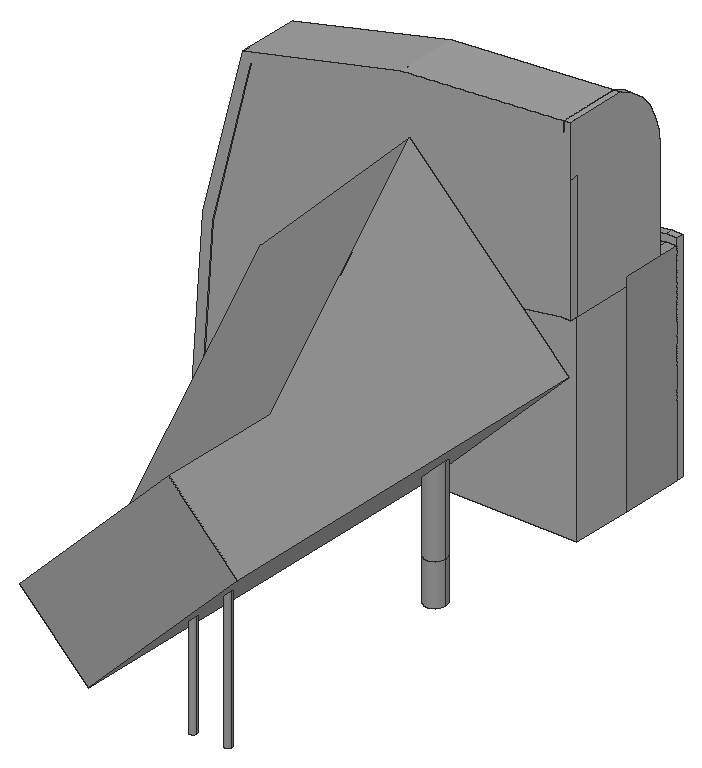
Revit family "Corner_Washfountain-Willoughby-2200-WAW", category Plumbing Fixtures, host Face, Revit 2014
Parameters (values of type "Standard")
  Waste DIA = 1 1/2"
  Waste Connection = yes
  Vent Connection = no
  URL = "www.willoughby-ind.com"
  Solid Surface Sink = Solid Surface Acrylic Resin-Willoughby
  Revision = "A"
  Model = "WAF-2200"
  Manufacturer = "Willoughby-Inustries"
  LAV HW DIA = 1/2"
  LAV CW DIA = 1/2"
  HW Connection = yes
  Fixture Body = Stainless Steel AISI 304-Willoughby
  Description = "2 Station Corner Washstation"
  Default Elevation = 0' - 0"
  Ciontact = "800-428-4065"
  CW Connection = yes
Reference planes (in)
  plane 1 "Center (Front/Back) Floor HGT": y = 0
  plane 2: z = 0
  plane 3 "Center (Left/Right)": x = 0
  plane 4: x = -27
  plane 5: x = -15.5
  plane 6 "Sink HGT": y = 34
  plane 7 "Top Of Unit": y = 39.5
  plane 8: z = 27
  plane 9 "Pedestal": through (0, 0, 0) normal (0.7071, 0, 0.7071)
  plane 10: y = 36.5
  plane 11 "HW/CW Inlets": y = 4
  plane 12 "Waste": y = 24
Forms (in)
  Extrusion 1, solid, material "Solid Surface Acrylic Resin-Willoughby" <- "Solid Surface Sink"
    sketch origin (0, 39.5, 0) x (-1, 0, 0) y (0, 0, 1)
      loop
        line (0, 0) -> (15.5, 0) -> (15.5, 0.75) -> (13.76712, 13.08007)
        arc (13.76712, 13.08007) -> (13.62861, 13.36093) -> (13.35021, 13.50432) r 0.5
        line (13.35021, 13.50432) -> (0.75, 15.5) -> (0, 15.5) -> (0, 0)
    from 0 to -0.5
  Extrusion 2, solid, material "Stainless Steel AISI 304-Willoughby" <- "Fixture Body"
    sketch origin (0, 39.5, 0) x (-1, 0, 0) y (0, 0, 1)
      loop
        line (0, 0) -> (15, 0) -> (15, 0.75) -> (13.36472, 12.38565) -> (12.84918, 13.08368) -> (0.75, 15) -> (0, 15) -> (0, 0)
    from -0.5 to -4.99598
  Extrusion 3, solid, material "Solid Surface Acrylic Resin-Willoughby" <- "Solid Surface Sink"
    sketch origin (0, 0, 0) x (0, 1, 0) y (0, 0, 1)
      loop
        line (37.5, 14.39918) -> (37.5, 22)
        arc (37.5, 22) -> (36.53806, 25.05164) -> (34, 27) r 5.32143
        line (34, 27) -> (29.5, 27) -> (29.5, 14.39918) -> (37.5, 14.39918)
    from 0 to -0.5
  Extrusion 4, solid
    sketch origin (0, 0, 0) x (1, 0, 0) y (0, 1, 0)
      loop
        line (-14.5, 37.5) -> (-22.75, 37.5)
        arc (-22.75, 37.5) -> (-25.50284, 36.51238) -> (-27, 34) r 4.33036
        line (-27, 34) -> (-27, 29.5) -> (-14.5, 29.5) -> (-14.5, 37.5)
    from 0 to 0.5
  Extrusion 5, solid, material "Solid Surface Acrylic Resin-Willoughby" <- "Solid Surface Sink"
    sketch origin (0, 34, 0) x (-1, 0, 0) y (0, 0, 1)
      loop
        line (0.5, 27) -> (0.5, 26.24999)
        arc (0.5, 26.24999) -> (11.78278, 25.40383) -> (22.7888, 22.77993) r 71.15426
        arc (22.7888, 22.77993) -> (25.49234, 11.79112) -> (26.24985, 0.5) r 65.02709
        line (26.24985, 0.5) -> (27, 0.5)
        arc (27, 0.5) -> (26.20321, 12.09908) -> (23.37669, 23.37669) r 65.77709
        arc (23.37669, 23.37669) -> (12.0852, 26.11553) -> (0.5, 27) r 71.90426
    from 0 to -4.5
  Extrusion 6, solid, material "Stainless Steel AISI 304-Willoughby" <- "Fixture Body"
    sketch origin (0, 0, 0) x (0.707107, 0, -0.707107) y (0, 1, 0)
      loop
        line (-7.64394, 29.5) -> (-23.73379, 29.5) -> (-14.6066, 9) -> (-14.6066, 0) -> (-7.64394, 0) -> (-7.64394, 29.5)
    from 7.5 to -7.5
  Extrusion 7, solid, material "Solid Surface Acrylic Resin-Willoughby" <- "Solid Surface Sink"
    sketch origin (0, 34, 0) x (-1, 0, 0) y (0, 0, 1)
      loop
        line (0, 27) -> (0, 14.39918) -> (0.60082, 14.39918) -> (12.51255, 12.51255) -> (12.84918, 12.17591) -> (14.5, 0.42973) -> (14.5, 0) -> (27, 0) -> (27, 0.5)
        arc (27, 0.5) -> (26.20321, 12.09908) -> (23.37669, 23.37669) r 65.77709
        arc (23.37669, 23.37669) -> (12.08092, 26.08856) -> (0.5, 27) r 74.03052
        line (0.5, 27) -> (0, 27)
    from -3.92048 to -4.5
  Extrusion 8, solid, material "Solid Surface Acrylic Resin-Willoughby" <- "Solid Surface Sink"
    sketch origin (0, 34, 0) x (-1, 0, 0) y (0, 0, 1)
      loop
        line (0, 14.39918) -> (0, 0) -> (14.5, 0) -> (14.5, 0.42973) -> (12.84918, 12.17591) -> (12.39148, 12.63361) -> (0.60082, 14.39918) -> (0, 14.39918)
    from 0.50402 to -3.92048
  Revolve 9, solid, material "Stainless Steel AISI 304-Willoughby" <- "Fixture Body"
    sketch origin (0, 4, 0) x (0, 0, -1) y (-1, 0, 0)
      loop
        line (0, 4) -> (3, 4) -> (3, 4.25) -> (-8.14251, 4.25) -> (-8.14251, 4) -> (0, 4)
      axis (-8.14251, 4) -> (3, 4)
    angle from 0 to 360
  Revolve 10, solid, material "Stainless Steel AISI 304-Willoughby" <- "Fixture Body"
    sketch origin (0, 4, 0) x (0, 0, -1) y (-1, 0, 0)
      loop
        line (0, 6.5) -> (3, 6.5) -> (3, 6.75) -> (-4.59085, 6.75) -> (-4.59085, 6.5) -> (0, 6.5)
      axis (-4.59085, 6.5) -> (3, 6.5)
    angle from 0 to 360
  Revolve 11, solid, material "Stainless Steel AISI 304-Willoughby" <- "Fixture Body"
    sketch origin (0, 24, 0) x (0, 0, -1) y (-1, 0, 0)
      loop
        line (0, 6) -> (-6.25796, 6) -> (-6.25796, 5.25) -> (3, 5.25) -> (3, 6) -> (0, 6)
      axis (-6.25796, 5.25) -> (3, 5.25)
    angle from 0 to 360
Lines and regions (in)
  symbolic lines
    curve 1: line (0, 29.5, 0) -> (-27, 29.5, 0)
    curve 2: line (-27, 29.5, 0) -> (-27, 34, 0)
    curve 3: line (-27, 34, 0) -> (0, 34, 0)
    curve 4: line (-22.75, 37.5, 0) -> (-15, 37.5, 0)
    curve 5: arc (-22.75, 37.5, 0) -> (-25.50284, 36.51238, 0) -> (-27, 34, 0) r 4.33036
    curve 6: line (-15.5, 39.5, 0) -> (0, 39.5, 0)
    curve 7: line (0, 39.5, 0) -> (0, 39, 0)
    curve 8: line (0, 39, 0) -> (-15.5, 39, 0)
    curve 9: line (-15, 39, 0) -> (-15, 34.50402, 0)
    curve 10: line (-15, 34.50402, 0) -> (-0.60082, 34.50402, 0)
    curve 11: line (0, 37.5, 0) -> (-0.5, 37.5, 0)
    curve 12: line (-0.5, 37.5, 0) -> (-0.5, 29.5, 0)
    curve 13: line (-14.5, 34, 0) -> (-14.5, 34.50402, 0)
    curve 14: line (-22.08562, 29.5, 0) -> (-15.63173, 9, 0)
    curve 15: line (-15.63173, 9, 0) -> (-15.63173, 0, 0)
    curve 16: line (-15.63173, 0, 0) -> (-0.10178, 0, 0)
    curve 17: line (-0.10178, 0, 0) -> (-5.02513, 0, 0)
    curve 18: line (-5.02513, 9, 0) -> (-11.47902, 29.5, 0)
    curve 19: line (-5.02513, 9, 0) -> (-15.63173, 9, 0)
    curve 20: line (0, 29.5, 0) -> (0, 0, 0)
    curve 21: line (0, 34, 0) -> (0, 34, 27)
    curve 22: arc (0, 34, 27) -> (-11.83819, 34, 26.15512) -> (-23.37669, 34, 23.37669) r 71.98931
    curve 23: arc (-23.37669, 34, 23.37669) -> (-26.20321, 34, 12.09908) -> (-27, 34, 0.5) r 65.77709
    curve 24: line (-27, 34, 0.5) -> (-27, 34, 0)
    curve 25: line (-27, 34, 0) -> (0, 34, 0)
    curve 26: line (-15.5, 34, 0) -> (-15.5, 34, 0.375)
    curve 35: line (0, 0, 0.10178) -> (0, 29.5, 0.10178)
    curve 36: line (0, 29.5, 0.10178) -> (0, 29.5, 22.08562)
    curve 37: line (0, 29.5, 22.08562) -> (0, 9, 15.63173)
    curve 38: line (0, 9, 15.63173) -> (0, 0, 15.63173)
    curve 39: line (0, 0, 15.63173) -> (0, 0, 0.10178)
    curve 43: line (0, 29.5, 22.08562) -> (0, 29.5, 27.00079)
    curve 44: line (0, 29.5, 27.00079) -> (0, 34, 27.00079)
    curve 45: line (0, 34, 27.00079) -> (0, 34, 0.5)
    curve 46: line (0, 29.5, 0.10178) -> (0, 39.5, 0.10178)
    curve 49: arc (0, 34, 27.00079) -> (0, 36.53808, 25.05187) -> (0, 37.5, 21.99985) r 5.32277
    curve 50: line (0, 37.5, 21.99985) -> (0, 37.5, 15)
    curve 51: line (0, 39.5, 0.10178) -> (0, 39.5, 15.5)
    curve 52: line (0, 39.5, 15.5) -> (0, 39, 15.5)
    curve 53: line (0, 39, 15.5) -> (0, 39, 0.10178)
    curve 54: line (0, 39, 15) -> (0, 34.50402, 15)
    curve 55: line (0, 34.50402, 15) -> (0, 34.50402, 0.5)
  symbolic lines, detail levels medium+fine
    curve 27: line (-15.5, 34, 0.375) -> (-13.72554, 34, 13.00092)
    curve 28: line (-13.72554, 34, 13.00092) -> (-13.19804, 34, 13.52842)
    curve 29: line (-13.19804, 34, 13.52842) -> (-0.75, 34, 15.5)
    curve 30: line (-0.75, 34, 15.5) -> (0, 34, 15.5)
    curve 31: line (-0.5, 34, 15.5) -> (-0.5, 34, 27.0039)
    curve 32: arc (-0.5, 34, 26.24999) -> (-11.78278, 34, 25.40383) -> (-22.7888, 34, 22.77993) r 71.15426
    curve 33: arc (-22.7888, 34, 22.77993) -> (-25.49201, 34, 11.79329) -> (-26.24994, 34, 0.5044) r 65.02709
    curve 34: line (-15.48181, 34, 0.5044) -> (-26.98181, 34, 0.5044)
    curve 40: line (0, 0, 5.02513) -> (0, 9, 5.02513)
    curve 41: line (0, 9, 5.02513) -> (0, 9, 15.63173)
    curve 42: line (0, 9, 5.02513) -> (0, 29.5, 11.47902)
  symbolic lines, detail levels fine
    curve 47: line (0, 37.5, 0.10178) -> (0, 37.5, 0.5)
    curve 48: line (0, 37.5, 0.5) -> (0, 34, 0.5)
    curve 56: line (0, 34.50402, 14.39918) -> (0, 34, 14.39918)
Dimensions and locks (in)
  host face to plane 8 = 2' - 3"
  plane 10 to plane 1 "Center (Front/Back) Floor HGT" = 3' - 0 1/2"
  plane 7 "Top Of Unit" to plane 1 "Center (Front/Back) Floor HGT" = 3' - 3 1/2"
  aligned and locked: plane 2 to host face
  aligned and locked: level to host face
  aligned and locked: plane 3 "Center (Left/Right)" to Extrusion 1
  aligned and locked: Extrusion 1 to level
  aligned and locked: plane 7 "Top Of Unit" to Extrusion 1
  aligned and locked: plane 3 "Center (Left/Right)" to Extrusion 2
  aligned and locked: Extrusion 2 to level
  aligned and locked: Extrusion 6 sketch curve to Extrusion 3
  aligned and locked: plane 3 "Center (Left/Right)" to Extrusion 7
  aligned and locked: Extrusion 7 to Extrusion 3
  aligned and locked: Extrusion 7 to level
  aligned and locked: Extrusion 8 to Extrusion 2
  aligned and locked: Extrusion 8 to Extrusion 7
  aligned and locked: Extrusion 3 to Extrusion 7
  aligned and locked: Revolve 9 sketch curve to Revolve 9 sketch curve  (x2)
  aligned and locked: Revolve 10 sketch curve to Revolve 10 sketch curve  (x2)
  aligned and locked: Revolve 11 sketch curve to Revolve 11 sketch curve  (x2)
Connectors (in)
  piping at (-4, 4, -3), diameter 0.5, driven by "LAV CW DIA", driven by "CW Connection"
    settings: on Revolve 9, index 1, connector inside diameter 24", connector length 0' - 0", flow factor 0, pipe flow 0 GPM, pressure drop 0.00 psi, fitting loss kfactor 0, connector angle 0.00°, fixture units 0, engagement length 0' - 0", angle of deflection 0.00°, flow configuration 0, flow direction 1, fitting loss method 0, system type 20, joint type 0, gender type 0, connector reference index -1, connector utility 1, adjustable connector no, is connector primary yes, connector description "CW Inlet"
  piping at (-6.5, 4, -3), diameter 0.5, driven by "LAV CW DIA", driven by "HW Connection"
    settings: on Revolve 10, index 2, connector inside diameter 24", connector length 0' - 0", flow factor 0, pipe flow 0 GPM, pressure drop 0.00 psi, fitting loss kfactor 0, connector angle 0.00°, fixture units 0, engagement length 0' - 0", angle of deflection 0.00°, flow configuration 0, flow direction 1, fitting loss method 0, system type 19, joint type 0, gender type 0, connector reference index -1, connector utility 1, adjustable connector no, is connector primary no, connector description "HW Inlet"
  piping at (-5.25, 24, -3), diameter 1.5, driven by "Waste DIA", driven by "Waste Connection"
    settings: on Revolve 11, index 3, connector inside diameter 24", connector length 0' - 0", flow factor 0, pipe flow 0 GPM, pressure drop 0.00 psi, fitting loss kfactor 0, connector angle 0.00°, fixture units 0, engagement length 0' - 0", angle of deflection 0.00°, flow configuration 0, flow direction 2, fitting loss method 0, system type 16, joint type 0, gender type 0, connector reference index -1, connector utility 1, adjustable connector no, is connector primary no, connector description "Sink Waste"
